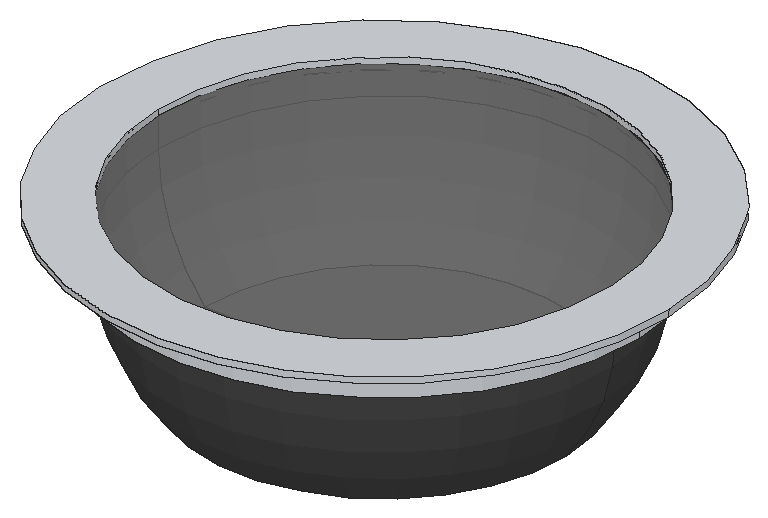
Revit family "3031810 Lighting Fixture_Sylvania_Syl-Lighter II_Ceiling Recessed", category Lighting Fixtures, host Face, Revit 2017
Family settings
  Host = Face
  Round Connector Dimension = Use Diameter
  Part Type = Normal
  OmniClass Number = 23.80.70.11.17
  OmniClass Title = Specialized Lighting by Location or Use
  Cut with Voids When Loaded = No
  Light Source = Yes
  Shared = No
  Room Calculation Point = No
Parameters (values of type "Syl-Lighter LED II 195 RO 15W WW 1-10V")
  Weight = 0.45 kg
  Wattage = 13.8557 W
  built-in parameter 1150110 = 1 (stored number, unit not read)
  Voltage Comments = "UNV (Universal Voltage; 220-240 Volt)"  # constant formula
  Voltage = 240 V  # constant formula
  URL = "http://www.sylvania-lighting.com"
  built-in parameter 1114217 = 1 (stored number, unit not read)
  Tilt Angle = -90.00°  # constant formula
  built-in parameter 1150109 = 1 (stored number, unit not read)
  built-in parameter 1150134 = (empty or 0)
  Ta Rating = "-10°C to +40°C"  # constant formula
  built-in parameter 1150113 = 1 (stored number, unit not read)
  Recessed Depth = Height  # 55.0 mm
  IP Rating = "IP44"  # constant formula
  IK Rating = "IK07"  # constant formula
  Energy Class = "A++, A+, A"  # constant formula
  Dimmable = "DALI"  # constant formula
  Catalog Number = "3031810 Syl-Lighter LED II 195 RO 15W WW 1-10V"
  Body Material = Metal_Sylvania_Syl-Lighter LED II_Silver
  Product Page URL = "http://www.sylvania-lighting.com/product/en-int/products/3031810"
  Product Family = "SYL-LIGHTER LED II"  # constant formula
  Photometry Comments = ""
  Photometric Web File = "3031810_Syl-LighterLEDII195RO15WWW1-10V-187577.ies"
  built-in parameter 1150105 = 765.37 (stored number, unit not read)
  Lumens = 1367 lm
  built-in parameter 1150115 = 1 (stored number, unit not read)
  built-in parameter 1150137 = (empty or 0)
  built-in parameter 1150139 = (empty or 0)
  Life = "50 000h"  # constant formula
  built-in parameter 1150112 = 1 (stored number, unit not read)
  built-in parameter 1150114 = 1 (stored number, unit not read)
  Lamp Comments = "Integrated LED"
  built-in parameter 1150132 = 2
  built-in parameter 1150102 = (empty or 0)
  built-in parameter 1150107 = 3000 (stored number, unit not read)
  built-in parameter 1150138 = (empty or 0)
  built-in parameter 1150106 = 7.6537 (stored number, unit not read)
  Glow Wire Test = 650 °C  # constant formula
  Emit from Circle Diameter = Diffuser Diameter  # 155.0 mm
  Emit Shape Visible in Rendering = no
  built-in parameter 1150104 = 9.1658 (stored number, unit not read)
  Drive Current = "300mA"
  Dimming Lamp Color Temperature Shift = <None>
  Diffuser Radius = Diffuser Diameter / 2  # 77.5 mm
  Diffuser Diameter = Diameter - 20.0 mm  # 155.0 mm
  Inner Diameter = Diameter - 4.0 mm  # 171.0 mm
  Cutout Diameter = Diameter  # 175.0 mm
  Color Filter = 16777215
  Beam Angle = 74.00°
  built-in parameter 1114218 = 1 (stored number, unit not read)
  built-in parameter 1150133 = 10 (stored number, unit not read)
  Height = 55.0 mm
  Electrical Protection = "CLASS II"  # constant formula
  built-in parameter 1114216 [instance] = 1 (stored number, unit not read)
  Model = "Syl-Lighter LED II 195 RO 15W WW 1-10V"
  Manufacturer = "Feilo Sylvania"
  Lamp = "LED"
  Diffuser Material = Polycarbonate_Sylvania_Syl-Lighter LED II_Opal
  Description = "Syl-Lighter LED II is available in 4 different round body sizes: 165mm, 195mm, 220mm & 240mm Syl-Lighter LED II 165 12W delivers a 1,134 lumen output (4,000K) - perfect for 1x26W CFL replacement Syl-Lighter LED II 195 15W delivers a 1,480 lumen output (4,000K) - perfect for 1x32W/2x18W CFL replacement Syl-Lighter LED II 220 21W delivers a 1,989 lumen output (4,000K) - perfect for 1x42W CFL replacement Syl-Lighter LED II 240 25W delivers a 2,289 lumen output (4,000K)- perfect for 2x26W CFL replacement High efficacy up to 99lm/W (Syl-Lighter LED II 195 4,000K) IP44 rating allows for installation in applicable wet zone areas Choice of 3,000K (warm white) or 4,000K (neutral white) Shallow recess depth of <65mm Can replace existing large CFL downlights using a 225mm ceiling cut out (Syl-Lighter LED II 240) Energy efficient electronic gear including analogue 1-10V and DALI dimmable options IK07 polycarbonate diffuser allows for a wider light distribution than a reflector downlight, allowing for increased spacings between luminaires 3 hour emergency pack available (to be ordered in addition to the luminaire) Ideal for applications such as corridors, public WCs and back of house areas Quick and easy to install Loop in-Loop out facility with red push fit terminal block for quick wiring White bezel (RAL 9003) Energy Class: A++, A+, A Long lifetime: 50,000 hours life at L70 (L80: 30,000 hours, L90: 15,000 hours)"  # constant formula
  Default Elevation = 0.0 mm
  built-in parameter 1140040 [instance] = 1
  Assembly Code = "D5020200"
  Apparent Load Comments = ""
  Apparent Load = 15 VA
  Accessory Radius = Accessory Diameter / 2  # 97.5 mm
  Accessory Material = Aluminum_Sylvania_Syl-Lighter LED II_White_RAL 9003
  Diameter = 175.0 mm
  Accessory Diameter = 195.0 mm
Reference planes
  plane 1 "Center (Front/Back)": y = 0
  plane 2: z = 0
  plane 3 "Center (Left/Right)": x = 0
  plane 4 "Fixture Bottom": z = 2
  plane 5: z = -10
  plane 6 "Fixture Top": z = -55
  plane 7: z = -2
Forms (mm)
  Extrusion 1, void
    sketch origin (0, 0, 58) x (-1, 0, 0) y (0, -1, 0)
      loop
        circle (0, 0) r 87.5
    from -171 to -55
  Extrusion 2, solid, detail levels fine
    sketch origin (0, 0, 58) x (-1, 0, 0) y (0, -1, 0)
      loop
        circle (0, 0) r 87.5
      loop
        circle (0, 0) r 85.5
    from -68 to -58
  Extrusion 3, solid, detail levels fine
    sketch origin (0, 0, 58) x (-1, 0, 0) y (0, -1, 0)
      loop
        circle (0, 0) r 97.5
      loop
        circle (0, 0) r 77.5
    from -58 to -56
  Extrusion 4, solid, material "Polycarbonate_Sylvania_Syl-Lighter LED II_Opal" <- "Diffuser Material", detail levels fine
    sketch origin (0, 0, 58) x (-1, 0, 0) y (0, -1, 0)
      loop
        circle (0, 0) r 77.5
    from -60 to -58
  Revolve 5, solid, material "Metal_Sylvania_Syl-Lighter LED II_Silver" <- "Body Material", detail levels fine
    sketch origin (0, 0, 0) x (1, 0, 0) y (0, 0, 1)
      loop
        line (-77.5, 0) -> (-79.5, 0) -> (-79.5, -10)
        arc (-79.5, -10) -> (-75.108, -34.052) -> (-62.5, -55) r 68.059
        line (-62.5, -55) -> (0, -55) -> (0, -53) -> (-61.589, -53)
        arc (-61.589, -53) -> (-73.395, -32.925) -> (-77.5, -10) r 66.059
        line (-77.5, -10) -> (-77.5, 0)
      axis (0, -55) -> (0, 0)
    angle from 0 to 360
  Revolve 6, solid, material "Aluminum_Sylvania_Syl-Lighter LED II_White_RAL 9003" <- "Accessory Material", detail levels coarse+medium
    sketch origin (0, 0, 0) x (1, 0, 0) y (0, 0, 1)
      loop
        line (-97.5, 2) -> (-97.5, 0) -> (-90, 0) -> (-90, -10) -> (-82, -10)
        arc (-82, -10) -> (-77.608, -34.052) -> (-65, -55) r 68.059
        line (-65, -55) -> (0, -55) -> (0, 2) -> (-97.5, 2)
      axis (0, 2) -> (0, -55)
    angle from 0 to 360
Cuts and joins
  joined: Extrusion 2, Extrusion 3
Lines and regions (mm)
  Masking region 1
    outline origin (0, 0, 58) x (-1, 0, 0) y (0, -1, 0)
      loop
        circle (0, 0) r 97.5
  symbolic lines, detail levels fine
    curve 1: arc (-77.5, 0, 58) -> (0, 77.5, 58) -> (77.5, 0, 58) r 77.5
    curve 2: arc (77.5, 0, 58) -> (0, -77.5, 58) -> (-77.5, 0, 58) r 77.5
Dimensions and locks
  locked: plane 4 "Fixture Bottom" to plane 2 at 2
  locked: plane 2 to plane 5 at 10
  "Height": plane 2 to plane 6 "Fixture Top"
  locked: plane 2 to plane 7 at 2
  "Diffuser Radius": plane 3 "Center (Left/Right)" to Revolve 5 sketch curve
  locked: Revolve 5 sketch curve to Revolve 5 sketch curve at 2
  locked: Revolve 5 sketch curve to Revolve 5 sketch curve at 15
  "Accessory Radius": plane 3 "Center (Left/Right)" to Revolve 6 sketch curve
  Revolve 6 sketch curve to Revolve 6 sketch curve to Revolve 6 sketch curve to Revolve 6 sketch curve = 7.5 mm locked, 8.0 mm locked, 17.0 mm locked
  "Cutout Diameter": diameter of Extrusion 1 sketch curve
  "Diameter": diameter of Extrusion 2 sketch curve
  "Inner Diameter": diameter of Extrusion 2 sketch curve
  "Accessory Diameter": diameter of Extrusion 3 sketch curve
  "Diffuser Diameter": diameter of Extrusion 3 sketch curve
  "Diffuser Diameter": diameter of Extrusion 4 sketch curve
  "Accessory Diameter": diameter of Masking region 1 sketch curve
  aligned and locked: host face to plane 2
  aligned and locked: host face to level
  aligned and locked: plane 4 "Fixture Bottom" to Extrusion 3
  aligned and locked: Extrusion 3 to plane 2
  aligned and locked: Extrusion 2 to plane 5
  aligned and locked: plane 2 to Extrusion 2
  aligned and locked: Extrusion 4 to plane 7
  aligned and locked: plane 2 to Extrusion 4
  aligned and locked: Revolve 5 sketch curve to plane 2
  aligned and locked: plane 5 to Revolve 5 sketch curve  (x2)
  aligned and locked: Revolve 5 sketch curve to plane 3 "Center (Left/Right)"
  aligned and locked: plane 3 "Center (Left/Right)" to Revolve 5 sketch curve
  aligned and locked: Revolve 6 sketch curve to plane 5
  aligned and locked: Revolve 6 sketch curve to plane 2
  aligned and locked: Revolve 6 sketch curve to plane 4 "Fixture Bottom"
  aligned and locked: plane 3 "Center (Left/Right)" to Revolve 6 sketch curve
  aligned and locked: Revolve 6 sketch curve to plane 3 "Center (Left/Right)"
  aligned and locked: plane 3 "Center (Left/Right)" to imposter light
  aligned and locked: imposter light to plane 1 "Center (Front/Back)"
  aligned and locked: imposter light to plane 4 "Fixture Bottom"
  aligned and locked: curve 1 to cut or joined group of Extrusion 2, Extrusion 3
Automatic sketch dimensions
  host sketch curve to host sketch curve = 700.0 mm
  host sketch curve to host sketch curve = 620.0 mm
  plane 1 "Center (Front/Back)" to Extrusion 1 sketch curve = 0.0 mm
  Extrusion 1 sketch curve to plane 3 "Center (Left/Right)" = 0.0 mm
  Extrusion 2 sketch curve to Extrusion 2 sketch curve = 0.0 mm  (x2)
  plane 1 "Center (Front/Back)" to Extrusion 2 sketch curve = 0.0 mm
  Extrusion 2 sketch curve to plane 3 "Center (Left/Right)" = 0.0 mm
  Extrusion 3 sketch curve to Extrusion 3 sketch curve = 0.0 mm  (x2)
  plane 1 "Center (Front/Back)" to Extrusion 3 sketch curve = 0.0 mm
  Extrusion 3 sketch curve to plane 3 "Center (Left/Right)" = 0.0 mm
  plane 1 "Center (Front/Back)" to Extrusion 4 sketch curve = 0.0 mm
  Extrusion 4 sketch curve to plane 3 "Center (Left/Right)" = 0.0 mm
  Revolve 5 sketch curve to Revolve 5 sketch curve = 0.0 mm
  Revolve 5 sketch curve to plane 6 "Fixture Top" = 0.0 mm
  plane 6 "Fixture Top" to Revolve 5 sketch curve = 2.0 mm
  Revolve 5 sketch curve to Revolve 5 sketch curve = 17.111 mm
  plane 4 "Fixture Bottom" to Revolve 5 sketch curve = 20.889 mm
  Revolve 6 sketch curve to plane 6 "Fixture Top" = 0.0 mm
  Revolve 6 sketch curve to plane 6 "Fixture Top" = 63.885 mm
  Revolve 6 sketch curve to Revolve 6 sketch curve = 84.115 mm
  plane 1 "Center (Front/Back)" to Masking region 1 sketch curve = 0.0 mm
  Masking region 1 sketch curve to plane 3 "Center (Left/Right)" = 0.0 mm
Connectors
  electrical at (0, 0, -55), driven by "Apparent Load", driven by "Voltage"
    settings: on Revolve 5, index 1, voltage 240 V, apparent load 0 VA, apparent load phase1 15 VA, apparent load phase2 0 VA, apparent load phase3 0 VA, power factor 1, load classification "Lighting", number of poles 1, system type 31, power factor state 1, is connector primary yes, connector utility no, sub classification motor no, connector description ""
